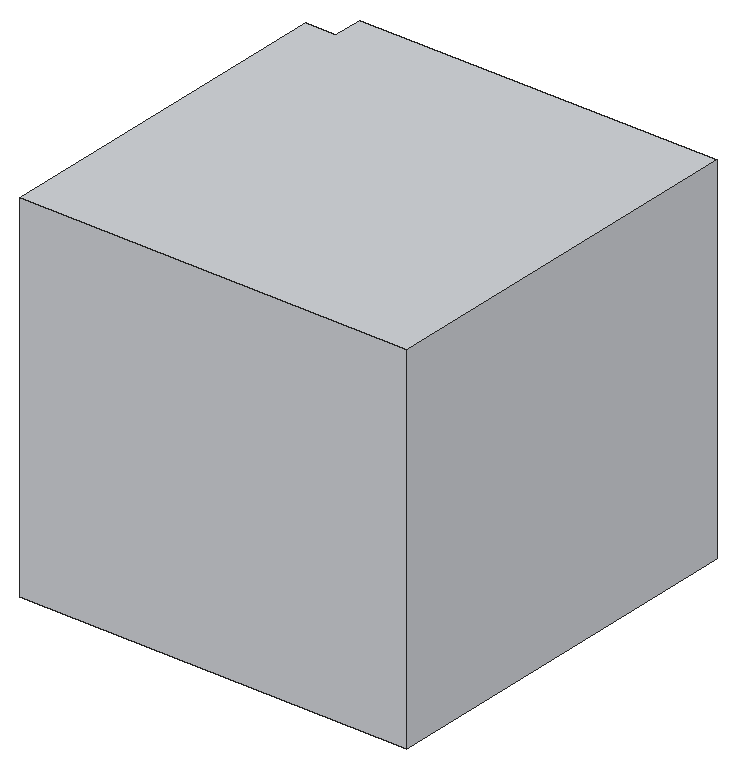
Revit family "M_Cotovelo retangular - 90 graus - Palhetas com espessura simples", category Conexões de duto, Revit 2019
Family settings
  Cota do conector redondo = Utilizar diâmetro
  Tipo de parte = Cotovelo
  Número OmniClass = 23.75.70.14
  Título OmniClass = Air Ductwork
  ID de item do Seek = Rectangular Elbow - Mitered - Single Thickness Vanes-0000-CAN-ENU
  Com base no plano de trabalho = Não
  Sempre na vertical = Sim
  Corte com vazios quando carregada = Não
  Compartilhado = Não
Parameters (values of type "Padrão")
  Espaço da palheta [instance] = Raio das palhetas  # 50 mm
  Largura do duto [instance] = 300 mm
  Comprimento do rebaixo [instance] = 25 mm
  Número [instance] = if((Comprimento 1 + Comprimento 2) / Espaço da palheta > 2, (Comprimento 1 + Comprimento 2) / Espaço da palheta, 2)  # 6
  Comprimento 2 [instance] = if((Largura do meio duto - Raio das palhetas) > 0 mm, Largura do meio duto - Raio das palhetas, 25 mm)  # 100 mm
  Comprimento 1 [instance] = Largura do meio duto + Raio das palhetas / 2  # 175 mm
  Comprimento do duto1 [instance] = tan(Ângulo / 2) * Largura do duto / 2 + Comprimento do rebaixo  # 175 mm
  Raio das palhetas [instance] = Largura do duto / 6  # 50 mm
  Altura do duto [instance] = 300 mm
  Largura do meio duto [instance] = Largura do duto / 2  # 150 mm
  Comprimento do meio duto 1 [instance] = Comprimento do duto1 / 2  # 87.5 mm
  Altura do meio duto [instance] = Altura do duto / 2  # 150 mm
  Ângulo 2 [instance] = Ângulo / 2  # 45.00°
  Ângulo [instance] = 90.00°
Reference planes
  plane 1 "Centro (Frente/Trás)": y = 0
  plane 2: z = 0
  plane 3 "Centro (Esquerda/Direita)": x = 0
  plane 4: x = -175
Forms (mm)
  Sweep 1, solid, detail levels medium+fine
    path in 3D
      loop
        line (-175, 0, 0) -> (0, 0, 0) -> (0, 175, 0)
    profile "M_Duto - Retangular : Duto - Retangular" origin (-87.5, 0, 0) x (0, 1, 0) y (0, 0, 1)
      loop
        line (-150, 150) -> (-150, -150) -> (150, -150) -> (150, 150) -> (-150, 150)
Lines and regions (mm)
  reference lines
    curve 1: line (-175, 0, 0) -> (0, 0, 0)
    curve 6: line (0, 0, 0) -> (-123.744, 123.744, 0)
    curve 7: line (0, 0, 0) -> (70.711, -70.711, 0)
    curve 8: line (-123.744, 123.744, 0) -> (-177.625, 69.862, 0)
    curve 9: line (-88.388, 88.388, 0) -> (-142.27, 34.507, 0)
  model lines, style "DuctFitting", detail levels coarse
    curve 2: line (0, 0, 0) -> (0, 175, 0)
    curve 5: line (-175, 0, 0) -> (0, 0, 0)
  sketch lines
    curve 3: line (-175, 0, 0) -> (0, 0, 0)
    curve 4: line (0, 0, 0) -> (0, 175, 0)
  model lines, detail levels coarse
    curve 10: line (0, 0, 0) -> (-61.872, 61.872, 0)
    curve 11: line (0, 0, 0) -> (61.872, -61.872, 0)
Dimensions and locks
  "Comprimento do duto1": plane 4 to plane 3 "Centro (Esquerda/Direita)"
  "Comprimento do duto1": curve 2 to curve 2
  "Comprimento 1": curve 6 to curve 6
  "Comprimento 2": curve 7 to curve 7
  "Espaço da palheta": curve 8 to curve 9
  equal spacing: group 1, group 2, group 3, group 4, group 5, group 6  (x2)
  equal spacing: group 6, group 5, group 4, group 3, group 2, group 1
  "Comprimento do meio duto 1": curve 10 to curve 10
  "Comprimento do meio duto 1": curve 11 to curve 11
  "Ângulo": angle plane 1 "Centro (Frente/Trás)" to curve 2
  "Ângulo 2": angle plane 3 "Centro (Esquerda/Direita)" to curve 7
  "Ângulo 2": angle plane 3 "Centro (Esquerda/Direita)" to curve 6
  locked: curve 6 to curve 8 (angle 90.00°)
  locked: curve 9 to curve 6 (angle 90.00°)
  "Ângulo 2": angle plane 3 "Centro (Esquerda/Direita)" to curve 10
  "Ângulo 2": angle plane 3 "Centro (Esquerda/Direita)" to curve 11
  aligned and locked: plane 1 "Centro (Frente/Trás)" to curve 1
  aligned and locked: plane 3 "Centro (Esquerda/Direita)" to curve 1
  aligned and locked: plane 4 to curve 1
  aligned and locked: curve 5 to curve 1
  aligned and locked: curve 6 to nested 1
  aligned and locked: nested 1 to curve 6
  aligned and locked: nested 2 to curve 9  (x2)
Automatic sketch dimensions
  curve 5 to plane 4 = 0 mm
  curve 11 to plane 3 "Centro (Esquerda/Direita)" = 0 mm
Nested families
  nested 1: "M_Duto - Palhetas simples" at (-123.744, 123.744, 0), Raio <- "Raio das palhetas", Altura <- "Altura do meio duto", Ângulo <- "Ângulo", type "Duto - Palhetas simples", detail levels medium+fine
    with Raio 50 mm, Altura 150 mm, Ângulo 90.00°
  nested 2: "M_Duto - Palhetas simples" at (-88.388, 88.388, 0), Raio <- "Raio das palhetas", Altura <- "Altura do meio duto", Ângulo <- "Ângulo", type "Duto - Palhetas simples", detail levels medium+fine
    with Raio 50 mm, Altura 150 mm, Ângulo 90.00°
  nested 3: "M_Duto - Palhetas simples" at (-53.033, 53.033, 0), Raio <- "Raio das palhetas", Altura <- "Altura do meio duto", Ângulo <- "Ângulo", type "Duto - Palhetas simples", detail levels medium+fine
    with Raio 50 mm, Altura 150 mm, Ângulo 90.00°
  nested 4: "M_Duto - Palhetas simples" at (-17.678, 17.678, 0), Raio <- "Raio das palhetas", Altura <- "Altura do meio duto", Ângulo <- "Ângulo", type "Duto - Palhetas simples", detail levels medium+fine
    with Raio 50 mm, Altura 150 mm, Ângulo 90.00°
  nested 5: "M_Duto - Palhetas simples" at (17.678, -17.678, 0), Raio <- "Raio das palhetas", Altura <- "Altura do meio duto", Ângulo <- "Ângulo", type "Duto - Palhetas simples", detail levels medium+fine
    with Raio 50 mm, Altura 150 mm, Ângulo 90.00°
  nested 6: "M_Duto - Palhetas simples" at (53.033, -53.033, 0), Raio <- "Raio das palhetas", Altura <- "Altura do meio duto", Ângulo <- "Ângulo", type "Duto - Palhetas simples", detail levels medium+fine
    with Raio 50 mm, Altura 150 mm, Ângulo 90.00°
Connectors
  hvac at (-175, 0, 0), driven by "Altura do duto", driven by "Largura do duto", driven by "Ângulo"
    settings: on Sweep 1, index 1, duct flow 0.0 L/s, flow factor 0, pres drop 0.0 Pa, loss coef 0, conn angle 90.00°, conn width 300 mm, conn height 300 mm, conn diameter 609.6 mm, duct sys type 28, conn prof type 1, flow config 0, flow direction 0, loss method 0, conn ref index 2, conn util no, is conn primary yes, conn desc ""
  hvac at (0, 175, 0), driven by "Altura do duto", driven by "Largura do duto", driven by "Ângulo"
    settings: on Sweep 1, index 2, duct flow 0.0 L/s, flow factor 0, pres drop 0.0 Pa, loss coef 0, conn angle 90.00°, conn width 300 mm, conn height 300 mm, conn diameter 609.6 mm, duct sys type 28, conn prof type 1, flow config 0, flow direction 0, loss method 0, conn ref index 1, conn util no, is conn primary no, conn desc ""
Definition of nested family "M_Duto - Palhetas simples"
  Parameters
    Raio [instance] = 449.858 mm
    Altura [instance] = 25.4 mm
    Assembly Code = ""
    Ângulo [instance] = 45.00°
  Reference planes
    plane 1 "Centro (Frente/Trás)": y = 0
    plane 2: z = 0
    plane 3 "Centro (Esquerda/Direita)": x = 0
    plane 4: y = -449.858
    plane 5: x = 449.858
    plane 6: z = 25.4
    plane 7: z = -25.4
  Lines and regions (mm)
    model lines, detail levels medium+fine
      curve 1: arc (0, -449.858, 25.4) -> (172.153, -415.614, 25.4) -> (318.098, -318.098, 25.4) r 449.858
      curve 2: arc (0, -449.858, -25.4) -> (172.153, -415.614, -25.4) -> (318.098, -318.098, -25.4) r 449.858
  Dimensions and locks
    "Raio": plane 3 "Centro (Esquerda/Direita)" to plane 5
    "Raio": plane 1 "Centro (Frente/Trás)" to plane 4
    "Altura": plane 6 to plane 2
    "Altura": plane 2 to plane 7
    "Raio": radius of curve 1
    "Raio": radius of curve 2
    "Ângulo": angle curve 1 to curve 1
    "Ângulo": angle curve 2 to curve 2
    aligned and locked: plane 1 "Centro (Frente/Trás)" to curve 1
    aligned and locked: plane 3 "Centro (Esquerda/Direita)" to curve 1
    aligned and locked: plane 1 "Centro (Frente/Trás)" to curve 2
    aligned and locked: plane 3 "Centro (Esquerda/Direita)" to curve 2
